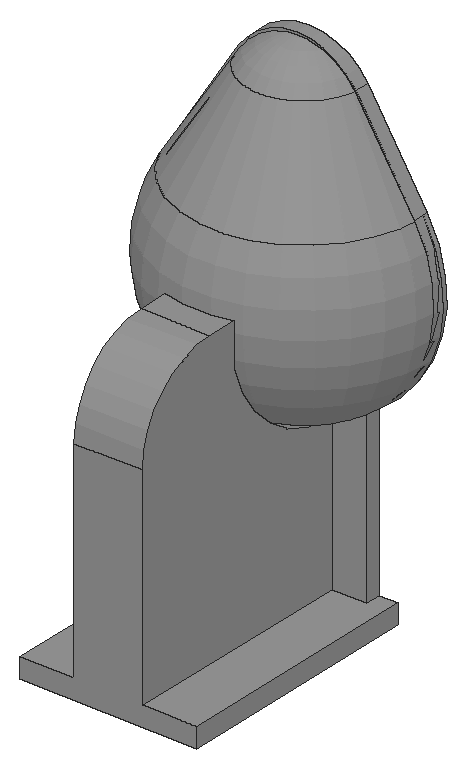
Revit family "Toilet-Willoughby-1490-HET-ETW-OF-TS", category Plumbing Fixtures, host Face, Revit 2014
Parameters (values of type "Standard")
  Waste DIA = 2 1/4"
  Waste Connection = yes
  W-RAD [instance] = Waste DIA / 2  # 0' - 1 1/8"
  Vent Connection = no
  URL = "www.willoughby-ind.com"
  Type Comments = ""
  Revision = "A"
  Model = "ETW-1490-HET-OF-TS"
  Manufacturer = "Willoughby Industries"
  HW Connection = no
  Flush inlet DIA = 1 1/2"
  Flush Inlet Connection = yes
  Fixture Body = Stainless Steel AISI 304-Willoughby
  F-RAD [instance] = Flush inlet DIA / 2  # 0' - 0 3/4"
  Description = "High Efficiency Toilet"
  Default Elevation = 0' - 0"
  Contact Number = "(800) 428-4065"
  CW Connection = no
Reference planes (in)
  plane 1 "Base": y = -16.25
  plane 2: z = 0
  plane 3 "Center": x = 18.31072
  plane 4 "Waste height": y = -4.75
  plane 5 "Seat HGT": y = -1.25
  plane 6: y = -2.125
  plane 7 "Unit Base Off Floor": y = -14.0625
  plane 8: x = 16.56072
  plane 9: x = 20.06072
  plane 10: x = 11.56072
  plane 11: x = 25.06072
  plane 12: z = 2.70924
Forms (in)
  Extrusion 1, solid, material "Stainless Steel AISI 304-Willoughby" <- "Fixture Body"
    sketch origin (16.08109, 7.47968, -7.1422) x (-1, 0, 0) y (0, 0, -1)
      loop
        line (1.29775, -16.80087) -> (1.29775, -7.1422) -> (-5.72963, -7.1422) -> (-5.72963, -16.81676)
        arc (-5.72963, -16.81676) -> (-8.98136, -21.11843) -> (-8.21015, -26.45542) r 7
        line (-8.21015, -26.45542) -> (-5.16818, -31.31054)
        arc (-5.16818, -31.31054) -> (-2.20225, -32.95225) -> (0.76368, -31.31054) r 3.5
        line (0.76368, -31.31054) -> (3.80565, -26.45542)
        arc (3.80565, -26.45542) -> (4.5729, -21.10311) -> (1.29775, -16.80087) r 7
      loop
        arc (2.03989, -24.70557) -> (-2.20225, -18.23804) -> (-6.44438, -24.70557) r 4.625
        line (-6.44438, -24.70557) -> (-4.04125, -30.23842)
        arc (-4.04125, -30.23842) -> (-2.20225, -31.45225) -> (-0.36324, -30.23842) r 2
        line (-0.36324, -30.23842) -> (2.03989, -24.70557)
    from 8.72968 to 9.5
  Revolve 2, solid, material "Stainless Steel AISI 304-Willoughby" <- "Fixture Body"
    sketch origin (19.37246, -1.52032, -3.93826) x (-1, 0, 0) y (0, 0, -1)
      loop
        line (1.06174, -12.59906) -> (1.06174, -12.84906)
        arc (1.06174, -12.84906) -> (6.96784, -16.33096) -> (6.78077, -23.18447) r 6.75
        line (6.78077, -23.18447) -> (3.81535, -27.91457)
        arc (3.81535, -27.91457) -> (2.63527, -29.03194) -> (1.06174, -29.43826) r 3.25
        line (1.06174, -29.43826) -> (1.06174, -29.68826)
        arc (1.06174, -29.68826) -> (2.75672, -29.25045) -> (4.02767, -28.04656) r 3.5
        line (4.02767, -28.04656) -> (7.06964, -23.19143)
        arc (7.06964, -23.19143) -> (7.15052, -16.14555) -> (1.06174, -12.59906) r 7
      axis (1.06174, -12.59906) -> (1.06174, -29.68826)
    angle from 0 to -180
  Extrusion 3, solid, material "Stainless Steel AISI 304-Willoughby" <- "Fixture Body"
    sketch origin (19.53334, -3.02032, -4.9508) x (0, 1, 0) y (0, 0, 1)
      loop
        line (-5.27082, 4.9508) -> (1, 4.9508) -> (1, 13.76086)
        arc (1, 13.76086) -> (-2.93256, 15.26109) -> (-5.27082, 18.76086) r 6.92744
        line (-5.27082, 18.76086) -> (-5.27082, 4.9508)
    from 0.52738 to -2.97262
  Extrusion 4, solid, material "Stainless Steel AISI 304-Willoughby" <- "Fixture Body"
    sketch origin (17.03334, 24.08792, -4.30581) x (0, 1, 0) y (0, 0, 1)
      loop
        line (-32.37906, 4.30581) -> (-32.37906, 20.30581) -> (-33.87467, 20.30581)
        arc (-33.87467, 20.30581) -> (-36.89808, 19.05347) -> (-38.15042, 16.03006) r 4.27575
        line (-38.15042, 16.03006) -> (-38.15042, 4.30581) -> (-32.37906, 4.30581)
    from -0.47262 to 3.02738
  Extrusion 5, solid, material "Stainless Steel AISI 304-Willoughby" <- "Fixture Body"
    sketch origin (0, 14.59309, 0) x (1, 0, 0) y (0, 1, 0)
      loop
        circle (18.31072, -19.34309) r 1.125
    from 1 to -3
  Extrusion 6, solid, material "Stainless Steel AISI 304-Willoughby" <- "Fixture Body"
    sketch origin (0, 1.11185, 0) x (1, 0, 0) y (0, 0, 1)
      loop
        circle (18.31072, 2.70924) r 0.75
    from 2.36185 to 4.61185
  Extrusion 7, solid, material "Stainless Steel AISI 304-Willoughby" <- "Fixture Body"
    sketch origin (0, -16.25, 0) x (1, 0, 0) y (0, 0, 1)
      loop
        line (22.81072, 0) -> (22.81072, 1) -> (13.81072, 1) -> (13.81072, 0) -> (22.81072, 0)
    from -15 to -2.1875
Cuts and joins
  joined: Extrusion 1, Extrusion 3, Extrusion 4, Extrusion 7
Lines and regions (in)
  symbolic lines
    curve 1: line (11.28334, -2.02032, 0) -> (11.28334, -1.25, 0)
    curve 2: line (11.28334, -1.25, 0) -> (25.28334, -1.25, 0)
    curve 3: line (25.28334, -1.25, 0) -> (25.28334, -2.02032, 0)
    curve 4: arc (25.28334, -2.02032, 0) -> (23.07786, -6.64489, 0) -> (18.31072, -8.52239, 0) r 6.98877
    curve 5: arc (18.31072, -8.52239, 0) -> (13.52395, -6.64729, 0) -> (11.28334, -2.02032, 0) r 7.04949
    curve 6: line (22.81072, -6.88154, 0) -> (22.81072, -14.0625, 0)
    curve 7: line (22.81072, -14.0625, 0) -> (13.81072, -14.0625, 0)
    curve 8: line (13.81072, -14.0625, 0) -> (13.81072, -6.89857, 0)
    curve 9: line (20.06072, -8.29996, 0) -> (20.06072, -14.0625, 0)
    curve 10: line (16.56072, -8.30151, 0) -> (16.56072, -14.0625, 0)
    curve 11: line (14.78334, -16.25, 9.65867) -> (14.78334, -16.25, 1)
    curve 12: line (14.78334, -16.25, 1) -> (13.81072, -16.25, 1)
    curve 13: line (13.81072, -16.25, 1) -> (13.81072, -16.25, 0)
    curve 14: line (13.81072, -16.25, 0) -> (22.81072, -16.25, 0)
    curve 15: line (22.81072, -16.25, 0) -> (22.81072, -16.25, 1)
    curve 16: line (22.81072, -16.25, 1) -> (21.81072, -16.25, 1)
    curve 17: line (21.81072, -16.25, 1) -> (21.81072, -16.25, 9.67456)
    curve 18: arc (21.81072, -16.25, 9.67456) -> (25.06245, -16.25, 13.97624) -> (24.29124, -16.25, 19.31322) r 7
    curve 19: line (24.29124, -16.25, 19.31322) -> (21.24927, -16.25, 24.16835)
    curve 20: arc (21.24927, -16.25, 24.16835) -> (19.97832, -16.25, 25.37224) -> (18.28334, -16.25, 25.81005) r 3.5
    curve 21: arc (18.28334, -16.25, 25.81005) -> (16.58835, -16.25, 25.37224) -> (15.31741, -16.25, 24.16835) r 3.5
    curve 22: line (15.31741, -16.25, 24.16835) -> (12.35249, -16.25, 19.43905)
    curve 23: arc (12.35249, -16.25, 19.43905) -> (11.49002, -16.25, 14.03241) -> (14.78334, -16.25, 9.65867) r 7
    curve 29: line (18.31072, -14.0625, 11.72425) -> (18.31072, -14.0625, 0)
    curve 30: line (18.31072, -14.0625, 0) -> (18.31072, -1.25, 0)
    curve 31: line (18.31072, -1.25, 0) -> (18.31072, -1.25, 25.81005)
    curve 32: line (18.31072, -1.25, 25.81005) -> (18.31072, -2.02032, 25.81005)
    curve 33: arc (18.31072, -2.02032, 25.81005) -> (18.31072, -3.31344, 25.27667) -> (18.31072, -4.32667, 24.31229) r 3.80747
    curve 34: line (18.31072, -4.32667, 24.31229) -> (18.31072, -7.52822, 19.25317)
    curve 35: arc (18.31072, -7.52822, 19.25317) -> (18.31072, -8.20086, 17.68019) -> (18.31072, -8.52281, 16) r 7.98097
    curve 36: line (18.31072, -8.29114, 16) -> (18.31072, -9.78675, 16)
    curve 37: arc (18.31072, -9.78675, 16) -> (18.31072, -12.81016, 14.74766) -> (18.31072, -14.0625, 11.72425) r 4.27575
    curve 38: line (18.31072, -8.29114, 16) -> (18.31072, -8.29114, 13.81005)
    curve 39: arc (18.31072, -8.29114, 13.81005) -> (18.31072, -5.95289, 10.31029) -> (18.31072, -2.02032, 8.81005) r 6.92744
    curve 40: line (18.31072, -1.25, 9.65867) -> (18.31072, -2.02032, 9.65867)
    curve 41: line (18.31072, -2.02032, 9.65867) -> (18.31072, -2.02032, 1)
    curve 42: line (18.31072, -1.25, 1) -> (18.31072, -14.0625, 1)
  symbolic lines, detail levels fine
    curve 24: arc (14.0412, -16.25, 17.56337) -> (18.28334, -16.25, 11.09585) -> (22.52547, -16.25, 17.56337) r 4.625
    curve 25: line (22.52547, -16.25, 17.56337) -> (20.12234, -16.25, 23.09622)
    curve 26: arc (20.12234, -16.25, 23.09622) -> (19.38317, -16.25, 23.97635) -> (18.28334, -16.25, 24.31005) r 2.01767
    curve 27: arc (18.28334, -16.25, 24.31005) -> (17.17969, -16.25, 23.98213) -> (16.44433, -16.25, 23.09622) r 1.9827
    curve 28: line (16.44433, -16.25, 23.09622) -> (14.0412, -16.25, 17.56337)
Dimensions and locks (in)
  plane 1 "Base" to plane 4 "Waste height" = 0' - 11 1/2"
  plane 1 "Base" to plane 5 "Seat HGT" = 1' - 3"
  cut or joined group of Extrusion 1, Extrusion 3, Extrusion 4, Extrusion 7 to cut or joined group of Extrusion 1, Extrusion 3, Extrusion 4, Extrusion 7 = 0' - 9"
  plane 1 "Base" to plane 7 "Unit Base Off Floor" = 0' - 2 3/16"
  "W-RAD": radius of Extrusion 5 sketch curve
  "F-RAD": radius of Extrusion 6 sketch curve
  aligned and locked: plane 2 to host face
  aligned and locked: level to host face
  aligned and locked: plane 3 "Center" to Extrusion 5 sketch curve
  aligned and locked: plane 4 "Waste height" to Extrusion 5 sketch curve
  aligned and locked: plane 3 "Center" to Extrusion 6 sketch curve
  aligned and locked: plane 12 to Extrusion 6 sketch curve
  aligned and locked: cut or joined group of Extrusion 1, Extrusion 3, Extrusion 4, Extrusion 7 to cut or joined group of Extrusion 1, Extrusion 3, Extrusion 4, Extrusion 7
Automatic sketch dimensions
  host sketch curve to host sketch curve = 4' - 3.96303"
  host sketch curve to host sketch curve = 3' - 0.11225"
  Extrusion 1 sketch curve to Extrusion 1 sketch curve = 0' - 0"  (x8)
  Extrusion 1 sketch curve to level = 0' - 0"
  plane 3 "Center" to Extrusion 1 sketch curve = 0' - 5.98052"
  Extrusion 1 sketch curve to Extrusion 1 sketch curve = 0' - 1.76576"  (x2)
  plane 3 "Center" to Extrusion 1 sketch curve = 0' - 3 1/2"
  plane 3 "Center" to Extrusion 1 sketch curve = 0' - 2.93855"
  Extrusion 1 sketch curve to Extrusion 1 sketch curve = 0' - 1.12693"  (x2)
  Extrusion 1 sketch curve to plane 3 "Center" = 0' - 0.02738"  (x2)
  Extrusion 1 sketch curve to plane 3 "Center" = 0' - 1.86639"
  Extrusion 1 sketch curve to plane 3 "Center" = 0' - 3.52738"
  Extrusion 1 sketch curve to plane 3 "Center" = 0' - 4 69/256"
  Extrusion 1 sketch curve to Extrusion 1 sketch curve = 0' - 9.65867"
  Extrusion 1 sketch curve to Extrusion 1 sketch curve = 0' - 0.01589"
  Extrusion 1 sketch curve to Extrusion 1 sketch curve = 0' - 6.06218"
  Extrusion 1 sketch curve to Extrusion 1 sketch curve = 0' - 1.74985"
  Extrusion 1 sketch curve to Extrusion 1 sketch curve = 0' - 4.74668"
  Extrusion 1 sketch curve to Extrusion 1 sketch curve = 0' - 0.78617"
  Extrusion 1 sketch curve to Extrusion 1 sketch curve = 0' - 1.07212"
  Revolve 2 sketch curve to Revolve 2 sketch curve = 0' - 0"  (x2)
  Revolve 2 sketch curve to plane 3 "Center" = 0' - 0"  (x3)
  plane 3 "Center" to Revolve 2 sketch curve = 0' - 0"
  Revolve 2 sketch curve to plane 3 "Center" = 0' - 2.75361"
  Revolve 2 sketch curve to Revolve 2 sketch curve = 0' - 0.21232"
  Revolve 2 sketch curve to Revolve 2 sketch curve = 0' - 2.96542"
  Revolve 2 sketch curve to Revolve 2 sketch curve = 0' - 0.28887"
  level to Revolve 2 sketch curve = 2' - 1 3/4"
  Revolve 2 sketch curve to Revolve 2 sketch curve = 0' - 0 1/4"
  Revolve 2 sketch curve to Revolve 2 sketch curve = 0' - 1.3917"
  Revolve 2 sketch curve to Revolve 2 sketch curve = 0' - 0.13199"
  Revolve 2 sketch curve to Revolve 2 sketch curve = 0' - 4.85513"
  Revolve 2 sketch curve to Revolve 2 sketch curve = 0' - 0.00696"
  Revolve 2 sketch curve to Revolve 2 sketch curve = 0' - 3 1/4"
  Revolve 2 sketch curve to Revolve 2 sketch curve = 0' - 3.3392"
  Revolve 2 sketch curve to Revolve 2 sketch curve = 0' - 2.4108"
  Extrusion 3 sketch curve to level = 0' - 0"
  plane 4 "Waste height" to Extrusion 3 sketch curve = 0' - 3.54114"
  plane 6 to Extrusion 3 sketch curve = 0' - 0.10468"
  plane 5 "Seat HGT" to Extrusion 3 sketch curve = 0' - 0.38413"
  Extrusion 3 sketch curve to Extrusion 3 sketch curve = 0' - 8.81005"
  Extrusion 3 sketch curve to Extrusion 3 sketch curve = 0' - 5"
  Extrusion 4 sketch curve to plane 7 "Unit Base Off Floor" = 0' - 0"
  Extrusion 4 sketch curve to level = 0' - 0"
  Extrusion 4 sketch curve to plane 7 "Unit Base Off Floor" = 0' - 4.27575"
  Extrusion 4 sketch curve to Extrusion 4 sketch curve = 0' - 1.49561"
  Extrusion 4 sketch curve to Extrusion 4 sketch curve = 0' - 11.72425"
  plane 10 to Extrusion 7 sketch curve = 0' - 2 1/4"
  Extrusion 7 sketch curve to plane 11 = 0' - 2 1/4"
  Extrusion 7 sketch curve to level = 0' - 0"
  level to Extrusion 7 sketch curve = 0' - 1"
  plane 5 "Seat HGT" to curve 1 = 0' - 0"
  plane 7 "Unit Base Off Floor" to curve 7 = 0' - 0"
  curve 10 to plane 8 = 0' - 0"
  curve 5 to plane 3 "Center" = 0' - 0"
  curve 4 to plane 3 "Center" = 0' - 0"
  curve 9 to plane 9 = 0' - 0"
  plane 10 to curve 8 = 0' - 2 1/4"
  curve 2 to plane 10 = 0' - 0.27738"
  plane 3 "Center" to curve 4 = 0' - 0.00082"
  plane 3 "Center" to curve 5 = 0' - 0.00082"
  curve 6 to plane 11 = 0' - 2 1/4"
  plane 6 to curve 3 = 0' - 0.10468"
  plane 6 to curve 1 = 0' - 0.10468"
  curve 5 to curve 10 = 0' - 0.22088"
  curve 18 to curve 23 = 0' - 0"
  curve 18 to curve 24 = 0' - 0"
  curve 20 to curve 21 = 0' - 0"
  curve 23 to curve 24 = 0' - 0"  (x2)
  curve 14 to level = 0' - 0"
  plane 10 to curve 22 = 0' - 0.79177"
  plane 10 to curve 14 = 0' - 2 1/4"
  curve 12 to curve 11 = 0' - 0.97262"
  curve 22 to plane 8 = 0' - 1.24331"
  curve 26 to plane 3 "Center" = 0' - 0.03902"
  curve 26 to curve 27 = 0' - 0.0002"
  curve 27 to curve 20 = 0' - 0.01144"
  curve 18 to plane 3 "Center" = 0' - 0.02738"
  plane 9 to curve 25 = 0' - 0.06162"
  plane 9 to curve 19 = 0' - 1.18855"
  plane 9 to curve 16 = 0' - 1 3/4"
  plane 9 to curve 25 = 0' - 2.46475"
  curve 16 to curve 16 = 0' - 1"
  curve 19 to plane 11 = 0' - 0.76948"
  level to curve 12 = 0' - 1"
  level to curve 16 = 0' - 1"
  plane 12 to curve 11 = 0' - 6.94943"
  plane 12 to curve 17 = 0' - 6.96532"
  curve 11 to curve 18 = 0' - 6.06218"
  curve 25 to curve 19 = 0' - 1.74985"
  curve 25 to curve 26 = 0' - 4.72905"
  curve 26 to curve 20 = 0' - 0.01763"
  curve 21 to curve 27 = 0' - 0.01733"
  curve 21 to curve 25 = 0' - 0.78617"
  curve 25 to curve 19 = 0' - 1.07212"
  plane 10 to curve 24 = 0' - 2 123/256"
  curve 27 to plane 8 = 0' - 0.11639"
  curve 27 to curve 26 = 0' - 0"
  curve 29 to plane 7 "Unit Base Off Floor" = 0' - 0"
  curve 42 to plane 5 "Seat HGT" = 0' - 0"
  curve 29 to level = 0' - 0"
  curve 36 to plane 7 "Unit Base Off Floor" = 0' - 4.27575"
  curve 37 to curve 36 = 0' - 1.49561"
  plane 4 "Waste height" to curve 34 = 0' - 2.77822"
  curve 34 to plane 4 "Waste height" = 0' - 0.42333"
  plane 6 to curve 41 = 0' - 0.10468"
  plane 6 to curve 32 = 0' - 0.10468"
  plane 5 "Seat HGT" to curve 39 = 0' - 0.38413"
  curve 33 to plane 5 "Seat HGT" = 0' - 0.01026"
  curve 35 to plane 5 "Seat HGT" = 0' - 0.68138"
  plane 12 to curve 40 = 0' - 6.94943"
  curve 40 to curve 37 = 0' - 2.06558"
  curve 38 to curve 36 = 0' - 2.18995"
  curve 40 to curve 35 = 0' - 5.68811"
  curve 35 to curve 39 = 0' - 0.37993"
  curve 36 to curve 34 = 0' - 3.25317"
  curve 39 to curve 33 = 0' - 6.35674"
  curve 33 to curve 34 = 0' - 2.22884"
  level to curve 42 = 0' - 1"
Connectors (in)
  piping at (18.31072, -4.75, -3), diameter 2.25, driven by "W-RAD", driven by "Waste Connection"
    settings: on Extrusion 5, index 1, connector inside diameter 2 1/4", connector length 0' - 0", flow factor 0, pipe flow 0 GPM, pressure drop 0.00 psi, fitting loss kfactor 0, connector angle 0.00°, fixture units 0, engagement length 0' - 0", angle of deflection 0.00°, flow configuration 0, flow direction 2, fitting loss method 0, system type 16, joint type 0, gender type 0, connector reference index -1, connector utility 1, adjustable connector yes, is connector primary yes, connector description "Toilet Waste"
  piping at (18.31072, -3.5, 2.70924), diameter 1.5, driven by "F-RAD", driven by "Flush Inlet Connection"
    settings: on Extrusion 6, index 2, connector inside diameter 1 1/2", connector length 0' - 0", flow factor 0, pipe flow 0 GPM, pressure drop 0.00 psi, fitting loss kfactor 0, connector angle 0.00°, fixture units 0, engagement length 0' - 0", angle of deflection 0.00°, flow configuration 0, flow direction 1, fitting loss method 0, system type 20, joint type 0, gender type 0, connector reference index -1, connector utility 1, adjustable connector no, is connector primary no, connector description "Flush Inlet"
